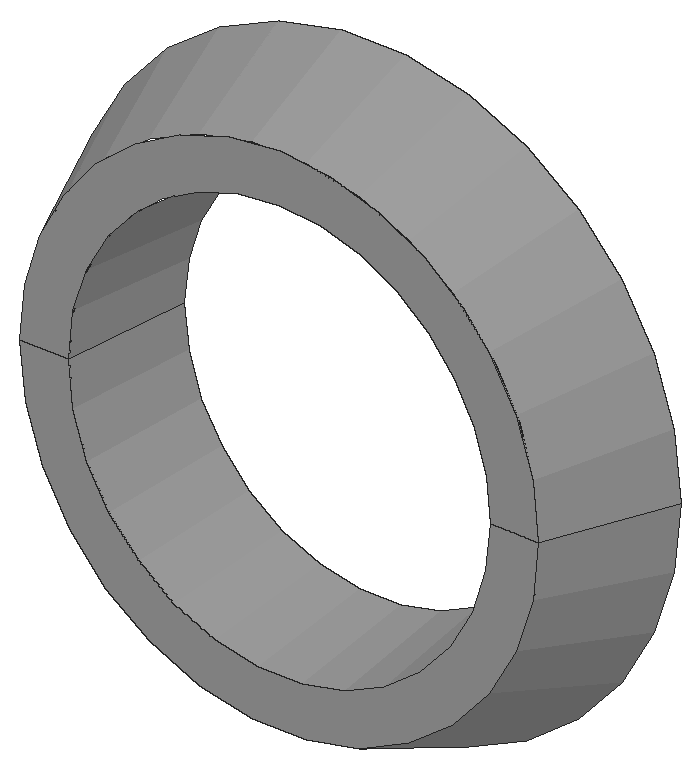
Revit family "VK632", category Sprinklers, Revit 2012
Parameters
  URL = "http://www.vikinggroupinc.com/databook/sprinklers/standard/qr/excov/080107.pdf"
  Model = "VK632"
  Manufacturer = "Viking"
  K-Factor = 5.6
Reference planes (in)
  plane 1 "Center (Front/Back)": y = 0
  plane 2: z = 0
  plane 3 "Center (Left/Right)": x = 0
  plane 4 "Threads": y = -0.5345
Forms (in)
  Revolve 1, solid, material "Default"
    sketch origin (0, 0, 0) x (1, 0, 0) y (0, 1, 0)
      loop
        line (-0.41348, -0.77001) -> (-0.34959, -0.92816) -> (-0.28422, -0.92816) -> (-0.26348, -0.75925) -> (-0.41348, -0.77001)
      axis (0, -0.75925) -> (0, -0.92816)
    angle from 0 to 360
Dimensions and locks (in)
  aligned and locked: plane 2 to level
Connectors (in)
  piping at (0, -0.5345, 0)
    settings: index 1, connector radius 1", flow factor 0, pipe flow 0 GPM, pressure drop 0.00 psi, fitting loss kfactor 0, connector angle 0.00°, fixture units 0, engagement length 0' - 0", flow configuration 0, flow direction 0, fitting loss method 0, system type 7, joint type 0, gender type 0, connector reference index -1, connector utility 0, adjustable connector no, is connector primary yes, fitting loss table "", connector description ""
